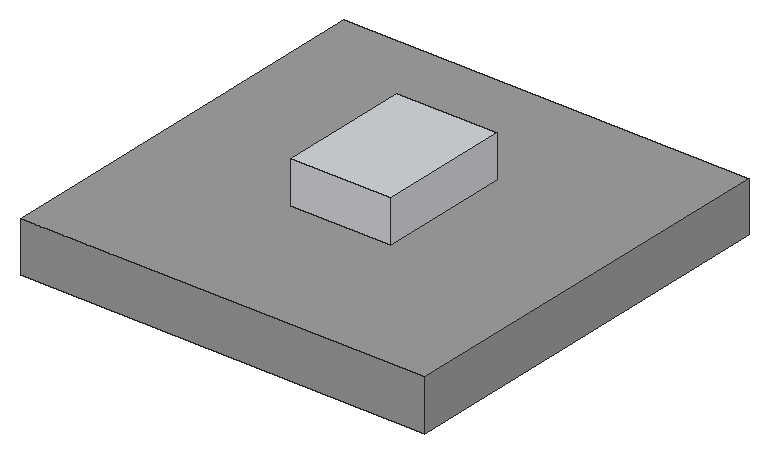
Revit family "ElectricalEquipment_Hager_TPNLighting&Power_TPNDB", category Electrical Equipment, host Face, Revit 2015
Parameters (values of type "TPN DB 125A 04 Way IP65 Metal")
  Type = "ElectricalFixture"
  Supply Phase = "1,3"
  Show Door = no
  Shape = "Rectangular"
  Product Group = "Panelboards"
  Product Family = "TPN-DB"
  Packaging Weight = 2.00 kg
  Packaging Recyclable = yes
  Overall Width = 600 mm
  Warranty ID = "24 Months"
  Voltage = "415"
  Uimp Rating = 4000 V
  Ui Rating = 690 V
  URL = "www.hager.co.uk"
  built-in parameter 1140080 [instance] = "10kA Conditional"
  Revision = 0
  Product Weight = 33.10 kg
  Product Range = "TPN DB 125A 04 Way IP65 Metal"
  Product Literature = "www.hager.co.uk/?artnr=JK104BG"
  Product Description = "TPN DB 125A 04 Way IP65 Metal"
  Pollution Degree = 2
  Panel Name [instance] = "TPN DB 125A 04 Way IP65 Metal"
  Outging Ways (TP) = Max #3 Pole Breakers  # 4
  Number of Poles = 3
  Neutral Rating = 100.00%
  built-in parameter 1140081 [instance] = "Surface Wall Mounted"
  Model = "JK104BD"
  Measurement Units = "mm"
  Max #3 Pole Breakers = 4
  built-in parameter 1140079 [instance] = 12
  Manufacturer Website = "www.hager.co.uk"
  Manufacturer Country = "United Kingdom"
  Manufacturer = "Hager UK Ltd"
  Mains Type = "3 phase"
  built-in parameter 1140082 [instance] = 125 (stored number, unit not read)
  built-in parameter 1140140 = 63 (stored number, unit not read)
  Location of Manufacturer = "Telford, TF1 7FT"
  Location = "Indoors"
  Keynote = ""
  Enclosure Rating = "IP65"
  Overall Length [instance] = 800 mm
  Hager Catalogue Ref = Model  # "JK104BD"
  Frequency = 50 Hz
  built-in parameter 1140083 [instance] = "Steel Epoxy Polyester Powdercoated"
  EAN = "5015652251484"
  Door Type = "Single Plain Door"
  Door = 46 mm
  built-in parameter 1140064 [instance] = (empty or 0)
  Design Country = "China"
  Description = Product Description  # "TPN DB 125A 04 Way IP65 Metal"
  Overall Height = 300 mm
  Default Elevation = 1200 mm
  Colour = "RAL 7035 Light Grey"
  CE Approval = yes
  Busbar Rating = 125 A
  Reference Standard = "BS EN 61439-3"
Types (3, lengths in mm): name | Show Door | Packaging Weight | Overall Width | Revision | Product Weight | Product Range | Product Description | Panel Name | Model | Location | Enclosure Rating | Overall Length | Hager Catalogue Ref | built-in parameter 1140083 | EAN | Door Type | Description | Overall Height | Colour
  TPN DB 125A 04 Way GD with door | yes | 1.00 kg | 465 | 3 | 8.80 kg | "Invicta 3 TPN DB Type B" | "JK1 TPN B Board 4x 63A TP Ways DB Glazed Door" | "Invicta 3 TPN DB Type B 125A" | "JK104BG" | "Indoors" | "IP3X" | 503 | "JK104BG" | "Steel Epoxy Polyester Powdercoated" | "5015652250234" | "Single Glazed Door" | "JK1 TPN B Board 4x 63A TP Ways DB Glazed Door" | 133 | "BS4800:2011 00A01 Oyster Grey"
  TPN DB 125A 04 Way IP65 GRP | no | 2.00 kg | 600 | 0 | 24.90 kg | "Invicta 3 TPN DB Type B 125A IP65 Insulated" | "JK1 TPN B Board 4x 63A TP Ways DB Glazed Door" | "Invicta 3 TPN DB Type B 125A IP65 Insulated" | "JK104BF" | "Outdoors" | "IP65" | 800 | "JK104BF" | "Glass Reinforced Polyester (GRP)" | "5015652251507" | "Single Glazed Door" | "JK1 TPN B Board 4x 63A TP Ways DB Glazed Door" | 300 | "RAL 7035 Light Grey"
  TPN DB 125A 04 Way IP65 Metal | no | 2.00 kg | 600 | 0 | 33.10 kg | "TPN DB 125A 04 Way IP65 Metal" | "TPN DB 125A 04 Way IP65 Metal" | "TPN DB 125A 04 Way IP65 Metal" | "JK104BD" | "Indoors" | "IP65" | 800 | "JK104BD" | "Steel Epoxy Polyester Powdercoated" | "5015652251484" | "Single Plain Door" | "TPN DB 125A 04 Way IP65 Metal" | 300 | "RAL 7035 Light Grey"
Reference planes
  plane 1 "Center (Front/Back)": y = 470.263
  plane 2: z = 0
  plane 3 "Center (Left/Right)": x = 0
  plane 4: y = -329.737
  plane 5: x = -300
  plane 6: x = 300
  plane 7: z = 300
  plane 8: z = 254
  plane 9: z = -662
Forms (mm)
  Extrusion 1, solid, material "Default"
    sketch origin (0, 0, 0) x (1, 0, 0) y (0, 1, 0)
      loop
        line (-1219.2, 1219.2) -> (-1219.2, -1219.2) -> (1219.2, -1219.2) -> (1219.2, 1219.2) -> (-1219.2, 1219.2)
    from 0 to -304.8
  Extrusion 2, solid, detail levels fine
    sketch origin (0, 470.263, 0) x (1, 0, 0) y (0, 0, 1)
      loop
        line (300, 254) -> (-300, 254) -> (-300, 0) -> (300, 0) -> (300, 254)
    from 800 to 0
  Extrusion 3, solid, visible <- "Show Door", detail levels fine
    sketch origin (0, 470.263, 0) x (1, 0, 0) y (0, 0, 1)
      loop
        line (-300, 270.376) -> (-300, 254) -> (300, 254) -> (300, 271.487)
        arc (300, 271.487) -> (-0.087, 318.007) -> (-300, 270.376) r 979.457
    from 0 to 800
Dimensions and locks
  equal spacing: plane 5, plane 3 "Center (Left/Right)", plane 6
  "Overall Width": plane 5 to plane 6
  "Overall Length": plane 4 to plane 1 "Center (Front/Back)"
  "Overall Height": Extrusion 1 to plane 7
  "Door": plane 8 to plane 7
  locked: plane 7 to plane 9 at 962
  aligned and locked: plane 2 to Extrusion 1
  aligned and locked: level to Extrusion 1
  aligned and locked: Extrusion 2 sketch curve to plane 8
  aligned and locked: Extrusion 2 sketch curve to plane 5
  aligned and locked: Extrusion 2 sketch curve to level
  aligned and locked: plane 6 to Extrusion 2 sketch curve
  aligned and locked: Extrusion 2 to plane 4
  aligned and locked: Extrusion 2 to plane 1 "Center (Front/Back)"
  aligned and locked: plane 6 to Extrusion 3
  aligned and locked: Extrusion 3 to plane 5
  aligned and locked: Extrusion 3 to plane 8
  aligned and locked: Extrusion 3 to Extrusion 2
  aligned and locked: Extrusion 2 to Extrusion 3
  aligned and locked: plane 2 to nested 1
  aligned and locked: plane 5 to nested 1
  aligned and locked: plane 6 to nested 1
  aligned and locked: nested 1 to plane 7
Automatic sketch dimensions
  Extrusion 1 sketch curve to Extrusion 1 sketch curve = 2438.4 mm  (x2)
  Extrusion 3 sketch curve to plane 6 = 0 mm
  Extrusion 3 sketch curve to plane 8 = 0 mm
  Extrusion 3 sketch curve to plane 5 = 0 mm
  plane 3 "Center (Left/Right)" to Extrusion 3 sketch curve = 1.727 mm
  plane 9 to Extrusion 3 sketch curve = 0.552 mm
  plane 8 to Extrusion 3 sketch curve = 17.487 mm
Nested families
  nested 1: "Distribution Board Annotation" at (-300, 470.263, 300) x (1, 0, 0) z (0, -1, 0), type "Distribution Board Annotation", detail levels coarse+medium
    with Width 300 mm, Length 600 mm
Connectors
  electrical at (0, -329.737, 127)
    settings: on Extrusion 2, index 1, voltage 0 V, apparent load 0 VA, apparent load phase1 0 VA, apparent load phase2 0 VA, apparent load phase3 0 VA, power factor 1, load classification "Other", number of poles 1, system type 31, power factor state 1, is connector primary yes, connector utility no, sub classification motor no, connector description ""
  cabletrayconduit at (0, -329.737, 127), diameter 600
    settings: on Extrusion 2, index 2, connector width 300 mm, connector height 300 mm, connector angle 0.00°, system type 32, placement type 0, profile type 0, connector reference index -1, is primary connector yes, connector utility param no, connector description ""
  cabletrayconduit at (0, 470.263, 127), diameter 600
    settings: on Extrusion 2, index 3, connector width 300 mm, connector height 300 mm, connector angle 0.00°, system type 32, placement type 0, profile type 0, connector reference index -1, is primary connector no, connector utility param no, connector description ""
Definition of nested family "Distribution Board Annotation"
  Parameters
    Width [instance] = 609.6 mm
    Length [instance] = 1219.2 mm
    Assembly Code = ""
  Reference planes
    plane 1 "Centre (Front/Back)": y = 0
    plane 2: z = 0
    plane 3 "Centre (Left/Right)": x = 0
    plane 4: y = -609.6
    plane 5: x = 1219.2
  Lines and regions (mm)
    Filled region 1, type "Solid Fill - Black", in view "Ref. Level"
      outline origin (0, 0, 0) x (1, 0, 0) y (0, 1, 0)
        loop
          line (0, 0) -> (1219.2, -609.6) -> (1219.2, 0) -> (0, 0)
    detail lines, in view "Ref. Level"
      curve 1: line (0, -609.6, 0) -> (1219.2, -609.6, 0)
      curve 2: line (1219.2, -609.6, 0) -> (1219.2, 0, 0)
      curve 3: line (0, -609.6, 0) -> (0, 0, 0)
      curve 4: line (0, 0, 0) -> (1219.2, 0, 0)
      curve 5: line (0, 0, 0) -> (1219.2, -609.6, 0)
  Dimensions and locks
    "Width": plane 4 to plane 1 "Centre (Front/Back)"
    "Length": plane 3 "Centre (Left/Right)" to plane 5
    aligned and locked: plane 3 "Centre (Left/Right)" to curve 1
    aligned and locked: curve 1 to plane 4
    aligned and locked: plane 5 to curve 2
    aligned and locked: plane 1 "Centre (Front/Back)" to curve 4
    aligned and locked: Filled region 1 sketch curve to curve 4
    aligned and locked: Filled region 1 sketch curve to curve 5
    aligned and locked: Filled region 1 sketch curve to curve 2
